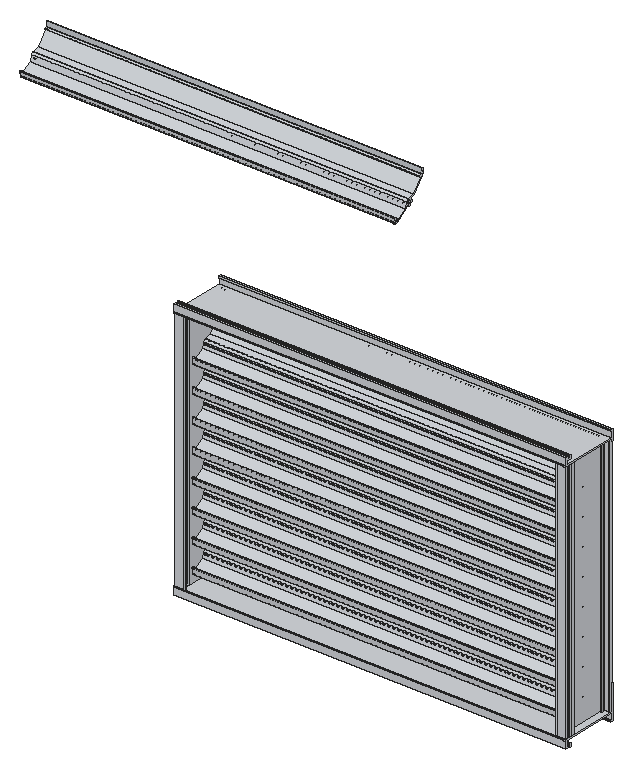
Revit family "ADL-96 Assembly", category Generic Models, Revit 2025
Family settings
  Can host rebar = No
  Round Connector Dimension = Use Diameter
  Part Type = Normal
  Work Plane-Based = No
  Always vertical = Yes
  Cut with Voids When Loaded = No
  Maintain Annotation Orientation = No
  Shared = No
  Room Calculation Point = No
Parameters
  Width = 3' - 6"
  Height = 2' - 4"
  First Blade Spacing = 0' - 4.657"
  Depth = 0' - 6 1/4"
  Default Elevation = 0' - 0"
  Blade Width = Width - 0' 1 13/16"  # 3' - 4 3/16"
  Blade Spacing = 0' - 2 7/8"
  # of Blades = ((Height - 0' 4 29/32") / Blade Spacing)  # 8
Reference planes (in)
  plane 1 "Center (Front/Back)": y = 0
  plane 2: z = 0
  plane 3 "Center (Left/Right)": x = 0
  plane 4: x = 21
  plane 5: x = -21
  plane 6: y = 3.125
  plane 7: y = -3.125
  plane 8: z = 28
  plane 9: z = 27.093
  plane 10: x = -20.094
  plane 11: x = 20.094
Forms (in)
  Extrusion 1, solid
    sketch origin (1.106, 0, 0.907) x (1, 0, 0) y (0, 1, 0)
      loop
        line (-20.937, 2.9155) -> (-20.937, 3.0405) -> (-22.106, 3.0405) -> (-22.106, 2.8085) -> (-21.981, 2.8085) -> (-21.981, 2.9155) -> (-21.325, 2.9155) -> (-21.325, 2.78931)
        arc (-21.325, 2.78931) -> (-21.40778, 2.79723) -> (-21.48324, 2.76227) r 0.159
        arc (-21.48324, 2.76227) -> (-21.48821, 2.70522) -> (-21.43115, 2.70024) r 0.0405
        arc (-21.43115, 2.70024) -> (-21.303, 2.6405) -> (-21.43115, 2.58076) r 0.078
        arc (-21.43115, 2.58076) -> (-21.48821, 2.57578) -> (-21.48324, 2.51873) r 0.0405
        arc (-21.48324, 2.51873) -> (-21.40778, 2.48377) -> (-21.325, 2.49169) r 0.159
        line (-21.325, 2.49169) -> (-21.325, -1.9565) -> (-22.038, -1.9565) -> (-22.038, -2.4155) -> (-22.106, -2.4155) -> (-22.106, -2.5405) -> (-22.038, -2.5405) -> (-22.038, -2.6015) -> (-21.957, -2.6015) -> (-21.957, -2.5405) -> (-21.869, -2.5405) -> (-21.869, -2.9155) -> (-21.957, -2.9155) -> (-21.957, -2.8245) -> (-22.038, -2.8245) -> (-22.038, -3.0405) -> (-21.0517, -3.0405)
        arc (-21.0517, -3.0405) -> (-20.98113, -3.06461) -> (-20.937, -3.0045) r 0.063
        line (-20.937, -3.0045) -> (-20.937, -2.9155) -> (-21.2, -2.9155) -> (-21.2, -2.8085) -> (-21.325, -2.8085) -> (-21.325, -2.9155) -> (-21.744, -2.9155) -> (-21.744, -2.4155) -> (-21.913, -2.4155) -> (-21.913, -2.0815) -> (-21.47799, -2.0815)
        arc (-21.47799, -2.0815) -> (-21.45397, -2.08712) -> (-21.43115, -2.07776) r 0.0405
        arc (-21.43115, -2.07776) -> (-21.30418, -2.15103) -> (-21.44855, -2.1765) r 0.078
        line (-21.44855, -2.1765) -> (-21.49809, -2.2051)
        arc (-21.49809, -2.2051) -> (-21.51781, -2.23504) -> (-21.50564, -2.26875) r 0.04
        arc (-21.50564, -2.26875) -> (-21.30958, -2.30381) -> (-21.2, -2.1375) r 0.181
        line (-21.2, -2.1375) -> (-21.2, 2.9155) -> (-20.937, 2.9155)
    from 0 to 26.186
  Extrusion 2, solid
    sketch origin (-6, 9.49824, 20.06003) x (0, 1, 0) y (0, 0, 1)
      loop
        line (-6.58624, -20.06003) -> (-6.35424, -20.06003) -> (-6.35424, -16.47803)
        arc (-6.35424, -16.47803) -> (-6.41674, -16.41553) -> (-6.47924, -16.47803) r 0.0625
        line (-6.47924, -16.47803) -> (-6.47924, -19.15303) -> (-12.56024, -19.15303)
        arc (-12.56024, -19.15303) -> (-12.62324, -19.21603) -> (-12.56024, -19.27903) r 0.063
        line (-12.56024, -19.27903) -> (-12.56024, -19.99103) -> (-12.34424, -19.99103) -> (-12.34424, -19.91003) -> (-12.45724, -19.91003) -> (-12.45724, -19.82203) -> (-12.06024, -19.82203) -> (-12.06024, -19.91003) -> (-12.12124, -19.91003) -> (-12.12124, -19.99103) -> (-12.06024, -19.99103) -> (-12.06024, -20.06003) -> (-11.97924, -20.06003) -> (-11.97924, -19.69703) -> (-12.45724, -19.69703) -> (-12.45724, -19.27803) -> (-6.47924, -19.27803) -> (-6.47924, -19.93503) -> (-6.58624, -19.93503) -> (-6.58624, -20.06003)
    from -15 to 27
  Extrusion 3, solid
    sketch origin (-1.106, 0, 0.907) x (-1, 0, 0) y (0, -1, 0)
      loop
        line (-20.937, -2.9155) -> (-21.2, -2.9155) -> (-21.2, 2.1375)
        arc (-21.2, 2.1375) -> (-21.30958, 2.30381) -> (-21.50564, 2.26875) r 0.181
        arc (-21.50564, 2.26875) -> (-21.51781, 2.23504) -> (-21.49809, 2.2051) r 0.04
        line (-21.49809, 2.2051) -> (-21.44855, 2.1765)
        arc (-21.44855, 2.1765) -> (-21.30418, 2.15103) -> (-21.43115, 2.07776) r 0.078
        arc (-21.43115, 2.07776) -> (-21.45397, 2.08712) -> (-21.47799, 2.0815) r 0.0405
        line (-21.47799, 2.0815) -> (-21.913, 2.0815) -> (-21.913, 2.4155) -> (-21.744, 2.4155) -> (-21.744, 2.9155) -> (-21.325, 2.9155) -> (-21.325, 2.8085) -> (-21.2, 2.8085) -> (-21.2, 2.9155) -> (-20.937, 2.9155) -> (-20.937, 3.0045)
        arc (-20.937, 3.0045) -> (-20.98113, 3.06461) -> (-21.0517, 3.0405) r 0.063
        line (-21.0517, 3.0405) -> (-22.038, 3.0405) -> (-22.038, 2.8245) -> (-21.957, 2.8245) -> (-21.957, 2.9155) -> (-21.869, 2.9155) -> (-21.869, 2.5405) -> (-21.957, 2.5405) -> (-21.957, 2.6015) -> (-22.038, 2.6015) -> (-22.038, 2.5405) -> (-22.106, 2.5405) -> (-22.106, 2.4155) -> (-22.038, 2.4155) -> (-22.038, 1.9565) -> (-21.325, 1.9565) -> (-21.325, -2.49169)
        arc (-21.325, -2.49169) -> (-21.40778, -2.48377) -> (-21.48324, -2.51873) r 0.159
        arc (-21.48324, -2.51873) -> (-21.48821, -2.57578) -> (-21.43115, -2.58076) r 0.0405
        arc (-21.43115, -2.58076) -> (-21.303, -2.6405) -> (-21.43115, -2.70024) r 0.078
        arc (-21.43115, -2.70024) -> (-21.48821, -2.70522) -> (-21.48324, -2.76227) r 0.0405
        arc (-21.48324, -2.76227) -> (-21.40778, -2.79723) -> (-21.325, -2.78931) r 0.159
        line (-21.325, -2.78931) -> (-21.325, -2.9155) -> (-21.981, -2.9155) -> (-21.981, -2.8085) -> (-22.106, -2.8085) -> (-22.106, -3.0405) -> (-20.937, -3.0405) -> (-20.937, -2.9155)
    from 0 to 26.186
  Extrusion 4, solid
    sketch origin (-6, 13.45558, -10.79385) x (0, 1, 0) y (0, 0, 1)
      loop
        arc (-10.43658, 37.69935) -> (-10.37408, 37.63685) -> (-10.31158, 37.69935) r 0.0625
        line (-10.31158, 37.69935) -> (-10.31158, 38.79385) -> (-10.54358, 38.79385) -> (-10.54358, 38.66885) -> (-10.43658, 38.66885) -> (-10.43658, 38.01185) -> (-16.41458, 38.01185) -> (-16.41458, 38.43085) -> (-15.93658, 38.43085) -> (-15.93658, 38.79385) -> (-16.01758, 38.79385) -> (-16.01758, 38.72485) -> (-16.07858, 38.72485) -> (-16.07858, 38.64385) -> (-16.01758, 38.64385) -> (-16.01758, 38.55585) -> (-16.41458, 38.55585) -> (-16.41458, 38.64385) -> (-16.30158, 38.64385) -> (-16.30158, 38.72485) -> (-16.51758, 38.72485) -> (-16.51758, 38.01285)
        arc (-16.51758, 38.01285) -> (-16.58058, 37.94985) -> (-16.51758, 37.88685) r 0.063
        line (-16.51758, 37.88685) -> (-10.43658, 37.88685) -> (-10.43658, 37.69935)
    from -15 to 27
Dimensions and locks (in)
  "Depth": plane 7 to plane 6
  equal spacing: plane 7, plane 1 "Center (Front/Back)", plane 6, locked at 3.125 each
  equal spacing: plane 5, plane 3 "Center (Left/Right)", plane 4
  "Width": plane 5 to plane 4
  "Height": plane 8 to level
  locked: plane 8 to plane 9 at 0.907
  locked: plane 5 to plane 10 at 0.906
  locked: plane 11 to plane 4 at 0.906
  plane 5 to plane 10 = 0' - 0.906"
  plane 11 to plane 4 = 0' - 0.906"
  locked: plane 8 to nested 1 at 4.65847
  equal spacing: group 1, group 2, group 3, group 4, group 5, group 6, group 7, group 8  (x2)
  equal spacing: group 8, group 7, group 6, group 5, group 4, group 3, group 2, group 1
  "Blade Spacing": nested 2 to nested 1
  aligned and locked: plane 2 to level
  aligned and locked: plane 5 to Extrusion 2
  aligned and locked: Extrusion 2 to plane 4
  aligned and locked: Extrusion 3 to Extrusion 1
  aligned and locked: Extrusion 1 to plane 9
  aligned and locked: Extrusion 3 to plane 9
  aligned and locked: plane 5 to Extrusion 4
  aligned and locked: Extrusion 4 to plane 4
Automatic sketch dimensions
  Extrusion 1 sketch curve to Extrusion 1 sketch curve = 0' - 0"  (x14)
  Extrusion 1 sketch curve to plane 5 = 0' - 0"  (x2)
  Extrusion 1 sketch curve to plane 10 = 0' - 0"  (x2)
  Extrusion 1 sketch curve to plane 5 = 0' - 0.068"  (x2)
  Extrusion 1 sketch curve to Extrusion 1 sketch curve = 0' - 0.068"
  Extrusion 1 sketch curve to Extrusion 1 sketch curve = 0' - 0 1/8"  (x8)
  Extrusion 1 sketch curve to Extrusion 1 sketch curve = 0' - 0.081"  (x2)
  Extrusion 1 sketch curve to Extrusion 1 sketch curve = 0' - 0.088"
  plane 10 to Extrusion 1 sketch curve = 0' - 0.29809"
  Extrusion 1 sketch curve to Extrusion 1 sketch curve = 0' - 0.02"
  Extrusion 1 sketch curve to Extrusion 1 sketch curve = 0' - 0.02011"
  plane 10 to Extrusion 1 sketch curve = 0' - 0.25719"
  Extrusion 1 sketch curve to Extrusion 1 sketch curve = 0' - 0.02079"
  Extrusion 1 sketch curve to Extrusion 1 sketch curve = 0' - 0.04954"
  Extrusion 1 sketch curve to Extrusion 1 sketch curve = 0' - 0.07619"
  Extrusion 1 sketch curve to Extrusion 1 sketch curve = 0' - 0.06755"
  plane 10 to Extrusion 1 sketch curve = 0' - 0 1/8"  (x2)
  Extrusion 1 sketch curve to plane 10 = 0' - 0.1483"
  Extrusion 1 sketch curve to Extrusion 1 sketch curve = 0' - 0.0517"
  Extrusion 1 sketch curve to Extrusion 1 sketch curve = 0' - 0.063"
  plane 6 to Extrusion 1 sketch curve = 0' - 0.0845"
  Extrusion 1 sketch curve to plane 10 = 0' - 0.263"
  Extrusion 1 sketch curve to Extrusion 1 sketch curve = 0' - 0.107"  (x3)
  Extrusion 1 sketch curve to Extrusion 1 sketch curve = 0' - 0.12619"
  Extrusion 1 sketch curve to Extrusion 1 sketch curve = 0' - 0.05806"  (x2)
  Extrusion 1 sketch curve to Extrusion 1 sketch curve = 0' - 0.09076"  (x2)
  Extrusion 1 sketch curve to plane 7 = 0' - 1.1685"
  Extrusion 1 sketch curve to Extrusion 1 sketch curve = 0' - 0.09024"
  Extrusion 1 sketch curve to Extrusion 1 sketch curve = 0' - 0.056"
  Extrusion 1 sketch curve to Extrusion 1 sketch curve = 0' - 0.039"
  Extrusion 1 sketch curve to Extrusion 1 sketch curve = 0' - 0.0286"
  Extrusion 1 sketch curve to Extrusion 1 sketch curve = 0' - 0.03464"
  Extrusion 1 sketch curve to Extrusion 1 sketch curve = 0' - 0.334"
  Extrusion 1 sketch curve to Extrusion 1 sketch curve = 0' - 0.061"
  Extrusion 1 sketch curve to plane 7 = 0' - 0.3165"
  Extrusion 1 sketch curve to Extrusion 1 sketch curve = 0' - 0.223"
  Extrusion 1 sketch curve to Extrusion 1 sketch curve = 0' - 0.091"
  Extrusion 1 sketch curve to Extrusion 1 sketch curve = 0' - 0.089"
  Extrusion 2 sketch curve to level = 0' - 0"  (x2)
  Extrusion 2 sketch curve to plane 7 = 0' - 0.063"
  Extrusion 2 sketch curve to Extrusion 2 sketch curve = 0' - 0.103"  (x2)
  Extrusion 2 sketch curve to Extrusion 2 sketch curve = 0' - 0.113"
  level to Extrusion 2 sketch curve = 0' - 0.069"  (x2)
  Extrusion 2 sketch curve to Extrusion 2 sketch curve = 0' - 0.223"
  Extrusion 2 sketch curve to Extrusion 2 sketch curve = 0' - 0.061"  (x2)
  Extrusion 2 sketch curve to Extrusion 2 sketch curve = 0' - 0.081"  (x3)
  plane 6 to Extrusion 2 sketch curve = 0' - 0.213"
  plane 6 to Extrusion 2 sketch curve = 0' - 0.106"  (x2)
  plane 6 to Extrusion 2 sketch curve = 0' - 0.0435"
  level to Extrusion 2 sketch curve = 0' - 0 1/8"
  Extrusion 2 sketch curve to Extrusion 2 sketch curve = 0' - 0.088"
  Extrusion 2 sketch curve to Extrusion 2 sketch curve = 0' - 0 1/8"
  Extrusion 2 sketch curve to Extrusion 2 sketch curve = 0' - 0.418"
  Extrusion 2 sketch curve to Extrusion 2 sketch curve = 0' - 0.657"
  Extrusion 2 sketch curve to Extrusion 2 sketch curve = 0' - 0.063"
  Extrusion 3 sketch curve to Extrusion 3 sketch curve = 0' - 0"  (x15)
  Extrusion 3 sketch curve to plane 4 = 0' - 0"  (x2)
  Extrusion 3 sketch curve to plane 11 = 0' - 0"  (x2)
  plane 4 to Extrusion 3 sketch curve = 0' - 0.068"  (x3)
  plane 4 to Extrusion 3 sketch curve = 0' - 0 1/8"
  Extrusion 3 sketch curve to Extrusion 3 sketch curve = 0' - 0.081"  (x2)
  Extrusion 3 sketch curve to Extrusion 3 sketch curve = 0' - 0 1/8"  (x6)
  Extrusion 3 sketch curve to Extrusion 3 sketch curve = 0' - 0.088"
  Extrusion 3 sketch curve to plane 11 = 0' - 0.29809"
  Extrusion 3 sketch curve to Extrusion 3 sketch curve = 0' - 0.02"
  Extrusion 3 sketch curve to Extrusion 3 sketch curve = 0' - 0.02011"
  Extrusion 3 sketch curve to plane 11 = 0' - 0.25719"
  Extrusion 3 sketch curve to Extrusion 3 sketch curve = 0' - 0.02079"
  Extrusion 3 sketch curve to Extrusion 3 sketch curve = 0' - 0.04954"
  Extrusion 3 sketch curve to Extrusion 3 sketch curve = 0' - 0.07619"
  Extrusion 3 sketch curve to Extrusion 3 sketch curve = 0' - 0.06755"
  Extrusion 3 sketch curve to plane 11 = 0' - 0 1/8"  (x3)
  plane 11 to Extrusion 3 sketch curve = 0' - 0.1483"
  Extrusion 3 sketch curve to Extrusion 3 sketch curve = 0' - 0.0517"
  Extrusion 3 sketch curve to Extrusion 3 sketch curve = 0' - 0.063"
  plane 6 to Extrusion 3 sketch curve = 0' - 0.0845"
  plane 11 to Extrusion 3 sketch curve = 0' - 0.263"
  Extrusion 3 sketch curve to Extrusion 3 sketch curve = 0' - 0.107"  (x3)
  Extrusion 3 sketch curve to Extrusion 3 sketch curve = 0' - 0.12619"
  Extrusion 3 sketch curve to Extrusion 3 sketch curve = 0' - 0.05806"  (x2)
  Extrusion 3 sketch curve to Extrusion 3 sketch curve = 0' - 0.09076"  (x2)
  Extrusion 3 sketch curve to plane 7 = 0' - 1.1685"
  Extrusion 3 sketch curve to Extrusion 3 sketch curve = 0' - 0.09024"
  Extrusion 3 sketch curve to Extrusion 3 sketch curve = 0' - 0.056"
  Extrusion 3 sketch curve to Extrusion 3 sketch curve = 0' - 0.039"
  Extrusion 3 sketch curve to Extrusion 3 sketch curve = 0' - 0.0286"
  Extrusion 3 sketch curve to Extrusion 3 sketch curve = 0' - 0.03464"
  Extrusion 3 sketch curve to Extrusion 3 sketch curve = 0' - 0.334"
  Extrusion 3 sketch curve to Extrusion 3 sketch curve = 0' - 0.061"
  Extrusion 3 sketch curve to plane 7 = 0' - 0.3165"
  Extrusion 3 sketch curve to Extrusion 3 sketch curve = 0' - 0.223"
  Extrusion 3 sketch curve to Extrusion 3 sketch curve = 0' - 0.089"
  plane 9 to Extrusion 4 sketch curve = 0' - 0"
  Extrusion 4 sketch curve to plane 8 = 0' - 0"  (x2)
  Extrusion 4 sketch curve to plane 7 = 0' - 0.063"
  Extrusion 4 sketch curve to plane 7 = 0' - 0.166"
  Extrusion 4 sketch curve to Extrusion 4 sketch curve = 0' - 0.103"
  Extrusion 4 sketch curve to Extrusion 4 sketch curve = 0' - 0.113"
  Extrusion 4 sketch curve to plane 8 = 0' - 0.069"  (x2)
  Extrusion 4 sketch curve to Extrusion 4 sketch curve = 0' - 0.223"
  Extrusion 4 sketch curve to Extrusion 4 sketch curve = 0' - 0.061"  (x2)
  Extrusion 4 sketch curve to Extrusion 4 sketch curve = 0' - 0.081"  (x2)
  plane 6 to Extrusion 4 sketch curve = 0' - 0.213"
  plane 6 to Extrusion 4 sketch curve = 0' - 0.106"  (x2)
  plane 6 to Extrusion 4 sketch curve = 0' - 0.0435"
  plane 9 to Extrusion 4 sketch curve = 0' - 0 3/16"
  Extrusion 4 sketch curve to Extrusion 4 sketch curve = 0' - 0.063"
  Extrusion 4 sketch curve to Extrusion 4 sketch curve = 0' - 0.001"
  Extrusion 4 sketch curve to plane 8 = 0' - 0.363"
  Extrusion 4 sketch curve to Extrusion 4 sketch curve = 0' - 0 1/8"
  Extrusion 4 sketch curve to Extrusion 4 sketch curve = 0' - 0.088"
  Extrusion 4 sketch curve to plane 8 = 0' - 0 1/8"
  Extrusion 2 sketch curve to Extrusion 2 sketch curve = 0' - 2.675"
Nested families (in)
  nested 1: "UNE-9.1 Blade" at (0, -0.00147, 23.34153), type "UNE-9.1 Blade"
    with Blade Width 3' - 4 3/16"
  nested 2: "UNE-9.1 Blade" at (0, -0.00147, 20.46653), type "UNE-9.1 Blade"
    with Blade Width 3' - 4 3/16"
  nested 3: "UNE-9.1 Blade" at (0, -0.00147, 17.59153), type "UNE-9.1 Blade"
    with Blade Width 3' - 4 3/16"
  nested 4: "UNE-9.1 Blade" at (0, -0.00147, 14.71653), type "UNE-9.1 Blade"
    with Blade Width 3' - 4 3/16"
  nested 5: "UNE-9.1 Blade" at (0, -0.00147, 11.84153), type "UNE-9.1 Blade"
    with Blade Width 3' - 4 3/16"
  nested 6: "UNE-9.1 Blade" at (0, -0.00147, 8.96653), type "UNE-9.1 Blade"
    with Blade Width 3' - 4 3/16"
  nested 7: "UNE-9.1 Blade" at (0, -0.00147, 6.09153), type "UNE-9.1 Blade"
    with Blade Width 3' - 4 3/16"
  nested 8: "UNE-9.1 Blade" at (0, -0.00147, 3.21653), type "UNE-9.1 Blade"
    with Blade Width 3' - 4 3/16"
  nested 9: "UNE-9.1 Blade" at (0, -22.93251, 60.9164), type "UNE-9.1 Blade"
    with Blade Width 3' - 4 3/16"
Definition of nested family "UNE-9.1 Blade"
  Parameters (values of type "UNE-9.1 Blade")
    Default Elevation = 0' - 0"
    Blade Width = 0' - 10 3/16"
  Reference planes (in)
    plane 1 "Center (Front/Back)": y = 0
    plane 2: z = 0
    plane 3 "Center (Left/Right)": x = 0
    plane 4: x = -5.09375
    plane 5: x = 5.09375
  Forms (in)
    Extrusion 1, solid
      sketch origin (0, -39.36425, -7.60758) x (0, 1, 0) y (0, 0, 1)
        loop
          line (37.76957, 9.23556) -> (38.71601, 8.0408) -> (39.2028, 7.91042)
          arc (39.2028, 7.91042) -> (39.22544, 7.88775) -> (39.21709, 7.85682) r 0.032
          line (39.21709, 7.85682) -> (38.97798, 7.61902)
          arc (38.97798, 7.61902) -> (38.96854, 7.59642) -> (38.97785, 7.57377) r 0.032
          line (38.97785, 7.57377) -> (39.03234, 7.51898)
          arc (39.03234, 7.51898) -> (39.07065, 7.51033) -> (39.10972, 7.51442) r 0.12089
          arc (39.10972, 7.51442) -> (39.1378, 7.54271) -> (39.12751, 7.58121) r 0.04
          line (39.12751, 7.58121) -> (39.09982, 7.60904) -> (39.36572, 7.87347) -> (39.63015, 7.60758) -> (39.36426, 7.34314) -> (39.30168, 7.40607)
          arc (39.30168, 7.40607) -> (39.25198, 7.3901) -> (39.23574, 7.34049) r 0.05744
          line (39.23574, 7.34049) -> (39.29761, 7.27828)
          arc (39.29761, 7.27828) -> (39.364, 7.25056) -> (39.43054, 7.27791) r 0.094
          line (39.43054, 7.27791) -> (39.61957, 7.46589)
          arc (39.61957, 7.46589) -> (39.64999, 7.47422) -> (39.67278, 7.45241) r 0.032
          line (39.67278, 7.45241) -> (39.77712, 7.10541) -> (41.15372, 6.2563)
          arc (41.15372, 6.2563) -> (41.16927, 6.2556) -> (41.17805, 6.26845) r 0.016
          line (41.17805, 6.26845) -> (41.23616, 6.89978)
          arc (41.23616, 6.89978) -> (41.22796, 6.91525) -> (41.2105, 6.91396) r 0.016
          line (41.2105, 6.91396) -> (40.94361, 6.70984) -> (40.99281, 6.6455) -> (41.11291, 6.73734)
          arc (41.11291, 6.73734) -> (41.13036, 6.73864) -> (41.13856, 6.72317) r 0.016
          line (41.13856, 6.72317) -> (41.10937, 6.40598)
          arc (41.10937, 6.40598) -> (41.10058, 6.39314) -> (41.08503, 6.39383) r 0.016
          line (41.08503, 6.39383) -> (39.84583, 7.1582) -> (39.68185, 7.70351)
          arc (39.68185, 7.70351) -> (39.59534, 7.84578) -> (39.45051, 7.92793) r 0.331
          line (39.45051, 7.92793) -> (38.76288, 8.1121) -> (37.71649, 9.42574) -> (37.89257, 9.40532) -> (37.90191, 9.48578) -> (37.6455, 9.51551) -> (37.61287, 9.55671) -> (37.66097, 10.11861) -> (37.58044, 10.12582) -> (37.57062, 10.02464) -> (37.52648, 9.53526) -> (37.76957, 9.23556)
      from -5.09375 to 5.09375
  Lines and regions (in)
    reference lines
      curve 1: line (0, 0.2659, 0) -> (0, -0.2659, 0)
  Dimensions and locks (in)
    "Blade Width": plane 4 to plane 5
    equal spacing: plane 4, plane 3 "Center (Left/Right)", plane 5
    aligned and locked: plane 2 to level
    aligned and locked: Extrusion 1 to plane 4
    aligned and locked: plane 5 to Extrusion 1
  Automatic sketch dimensions
    curve 1 to level = 0' - 0"
    plane 1 "Center (Front/Back)" to curve 1 = 0' - 0.2659"
    curve 1 to plane 1 "Center (Front/Back)" = 0' - 0.2659"
    Extrusion 1 sketch curve to level = 0' - 0"
    plane 1 "Center (Front/Back)" to Extrusion 1 sketch curve = 0' - 1.83777"
    Extrusion 1 sketch curve to Extrusion 1 sketch curve = 0' - 0.04415"
    Extrusion 1 sketch curve to Extrusion 1 sketch curve = 0' - 0.00982"
    Extrusion 1 sketch curve to Extrusion 1 sketch curve = 0' - 0.08639"
    Extrusion 1 sketch curve to Extrusion 1 sketch curve = 0' - 0.03264"
    Extrusion 1 sketch curve to Extrusion 1 sketch curve = 0' - 0.08052"
    Extrusion 1 sketch curve to Extrusion 1 sketch curve = 0' - 0.07098"
    Extrusion 1 sketch curve to Extrusion 1 sketch curve = 0' - 0.05309"
    Extrusion 1 sketch curve to Extrusion 1 sketch curve = 0' - 0.17609"
    Extrusion 1 sketch curve to Extrusion 1 sketch curve = 0' - 0.00933"
    plane 1 "Center (Front/Back)" to Extrusion 1 sketch curve = 0' - 0.64824"
    Extrusion 1 sketch curve to Extrusion 1 sketch curve = 0' - 0 3/64"
    Extrusion 1 sketch curve to level = 0' - 0.03381"
    plane 1 "Center (Front/Back)" to Extrusion 1 sketch curve = 0' - 0.3864"
    level to Extrusion 1 sketch curve = 0' - 0.01145"
    Extrusion 1 sketch curve to Extrusion 1 sketch curve = 0' - 0.00013"
    Extrusion 1 sketch curve to level = 0' - 0.01124"
    Extrusion 1 sketch curve to level = 0' - 0.08859"
    Extrusion 1 sketch curve to Extrusion 1 sketch curve = 0' - 0.05449"
    level to Extrusion 1 sketch curve = 0' - 0 3/128"
    Extrusion 1 sketch curve to Extrusion 1 sketch curve = 0' - 0.07722"
    Extrusion 1 sketch curve to level = 0' - 0.05457"
    Extrusion 1 sketch curve to Extrusion 1 sketch curve = 0' - 0.06681"
    level to Extrusion 1 sketch curve = 0' - 0.00147"
    Extrusion 1 sketch curve to Extrusion 1 sketch curve = 0' - 0.02206"
    Extrusion 1 sketch curve to level = 0' - 0.02637"
    Extrusion 1 sketch curve to Extrusion 1 sketch curve = 0' - 0.02768"
    plane 1 "Center (Front/Back)" to Extrusion 1 sketch curve = 0' - 0.16973"
    Extrusion 1 sketch curve to Extrusion 1 sketch curve = 0' - 0.00828"
    Extrusion 1 sketch curve to Extrusion 1 sketch curve = 0' - 0.02256"  (x2)
    plane 1 "Center (Front/Back)" to Extrusion 1 sketch curve = 0' - 0.12852"
    Extrusion 1 sketch curve to Extrusion 1 sketch curve = 0' - 0.05675"
    plane 1 "Center (Front/Back)" to Extrusion 1 sketch curve = 0' - 0.06664"
    Extrusion 1 sketch curve to Extrusion 1 sketch curve = 0' - 0.00919"
    Extrusion 1 sketch curve to plane 1 "Center (Front/Back)" = 0' - 0"  (x2)
    Extrusion 1 sketch curve to plane 1 "Center (Front/Back)" = 0' - 0.00062"
    Extrusion 1 sketch curve to plane 1 "Center (Front/Back)" = 0' - 0.00147"
    Extrusion 1 sketch curve to plane 1 "Center (Front/Back)" = 0' - 0.06629"
    Extrusion 1 sketch curve to plane 1 "Center (Front/Back)" = 0' - 0.08626"
    Extrusion 1 sketch curve to Extrusion 1 sketch curve = 0' - 0.01058"
    Extrusion 1 sketch curve to Extrusion 1 sketch curve = 0' - 0.03064"
    level to Extrusion 1 sketch curve = 0' - 0.09594"
    Extrusion 1 sketch curve to Extrusion 1 sketch curve = 0' - 0.0517"
    Extrusion 1 sketch curve to Extrusion 1 sketch curve = 0' - 0.10435"
    Extrusion 1 sketch curve to Extrusion 1 sketch curve = 0' - 0.06871"
    Extrusion 1 sketch curve to Extrusion 1 sketch curve = 0' - 1.09777"
    Extrusion 1 sketch curve to level = 0' - 0.96208"
    Extrusion 1 sketch curve to Extrusion 1 sketch curve = 0' - 0.04921"
    Extrusion 1 sketch curve to Extrusion 1 sketch curve = 0' - 0.09222"
    Extrusion 1 sketch curve to Extrusion 1 sketch curve = 0' - 0.0084"  (x2)
    Extrusion 1 sketch curve to Extrusion 1 sketch curve = 0' - 0.01593"  (x4)
    Extrusion 1 sketch curve to level = 0' - 0.87023"
    Extrusion 1 sketch curve to Extrusion 1 sketch curve = 0' - 0.12009"
    Extrusion 1 sketch curve to Extrusion 1 sketch curve = 0' - 0.00972"  (x2)
    Extrusion 1 sketch curve to level = 0' - 0.88441"
    Extrusion 1 sketch curve to Extrusion 1 sketch curve = 0' - 0.06868"
    Extrusion 1 sketch curve to level = 0' - 0.69362"
    Extrusion 1 sketch curve to level = 0' - 0.7078"
    Extrusion 1 sketch curve to Extrusion 1 sketch curve = 0' - 0.23805"
    Extrusion 1 sketch curve to Extrusion 1 sketch curve = 0' - 0.00147"  (x2)
    Extrusion 1 sketch curve to Extrusion 1 sketch curve = 0' - 0.12392"
    Extrusion 1 sketch curve to Extrusion 1 sketch curve = 0' - 0.23773"
    Extrusion 1 sketch curve to Extrusion 1 sketch curve = 0' - 0.05279"
    Extrusion 1 sketch curve to Extrusion 1 sketch curve = 0' - 0.06524"
    Extrusion 1 sketch curve to Extrusion 1 sketch curve = 0' - 0.06487"
    Extrusion 1 sketch curve to Extrusion 1 sketch curve = 0' - 0.06221"
    Extrusion 1 sketch curve to level = 0' - 0.16438"
    Extrusion 1 sketch curve to Extrusion 1 sketch curve = 0' - 0.00922"
    level to Extrusion 1 sketch curve = 0' - 0.00062"
    Extrusion 1 sketch curve to Extrusion 1 sketch curve = 0' - 0.01666"
    Extrusion 1 sketch curve to Extrusion 1 sketch curve = 0' - 0.02269"
    level to Extrusion 1 sketch curve = 0' - 0.43322"
    Extrusion 1 sketch curve to Extrusion 1 sketch curve = 0' - 0.0713"
    Extrusion 1 sketch curve to Extrusion 1 sketch curve = 0' - 1.12347"
    Extrusion 1 sketch curve to Extrusion 1 sketch curve = 0' - 0.16975"
    Extrusion 1 sketch curve to Extrusion 1 sketch curve = 0' - 0.02042"
    Extrusion 1 sketch curve to Extrusion 1 sketch curve = 0' - 0.01975"
    Extrusion 1 sketch curve to Extrusion 1 sketch curve = 0' - 0.0412"
    Extrusion 1 sketch curve to Extrusion 1 sketch curve = 0' - 0.46793"
    Extrusion 1 sketch curve to Extrusion 1 sketch curve = 0' - 0.09397"
    Extrusion 1 sketch curve to Extrusion 1 sketch curve = 0' - 0.00721"
